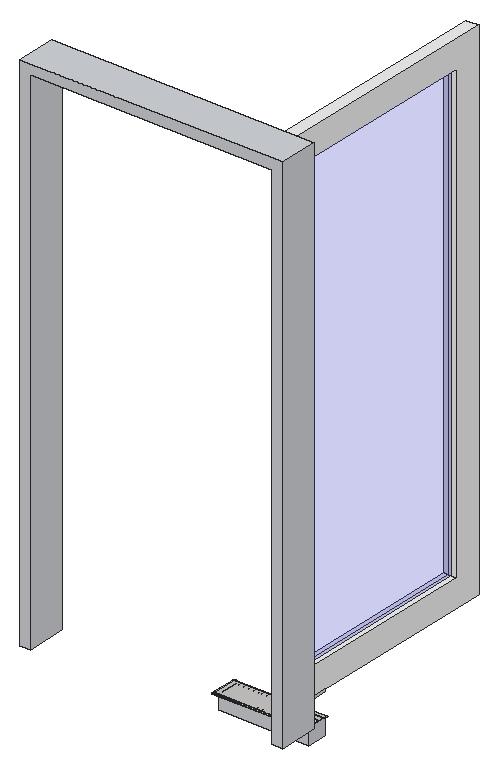
Revit family "Door closer BTS80_ Single Access_Single Door", category Türen, Revit 2016
Family settings
  Basisbauteil = Wand
  OmniClass-Nummer = 23.30.10.00
  OmniClass-Titel = Doors
  Immer vertikal = Ja
  Beim Laden mit Abzugskörper schneiden = Nein
  Gemeinsam genutzt = Nein
  Raumberechnungspunkt = Nein
Parameters
  panel Height [instance] = Height - (Door Frame Width + Floor Space)  # 1945 mm
  Width (mm) = 341
  Width [instance] = 1000 mm
  Weight Net (Kg) = 0
  Wall Closure = (empty or 0)
  URL = ""
  UNSPC code = "26"
  UNSPC category = ""
  UNSPC Name = "Elkraftsutrustning och tillbehör"
  Product group = "Door Hardware"
  Product family = "Door Control"
  Product data url = ""
  Product SKU = ""
  Panel material = Aluminum
  Panel Width [instance] = Width - (2 * Door Frame Width)  # 920 mm
  Panel Thick [instance] = 48.222 mm
  Panel Options [instance] = Panel_SS_Opened : Panel_SS_Opened
  Panel Offset [instance] = 35 mm
  Panel Frame Width [instance] = 103.75 mm
  Material secondary = "Metal"
  Material main = "Stainless steel"
  Manufacturer country = "Germany"
  Hersteller = "DORMA"
  Installation instructions = ""
  IFC Classification = "Door"
  Height (mm) = 60
  Floor Spring Setback [instance] = 35 mm
  Height [instance] = 2000 mm
  HO [instance] = Floor Spring Setback + Door Frame Width  # 75 mm
  Glass material = Glass
  Glass Thick [instance] = 12 mm
  Floor Space [instance] = 15 mm
  Edition number = "1"
  EAN code = ""
  Door Frame Width [instance] = 40 mm
  Design country = "Germany"
  Depth (mm) = 78
  Date of publishing = ""
Reference planes
  plane 1: y = 0
  plane 2 "Center (Left/Right)": x = 0
  plane 3 "Left": x = -500
  plane 4 "Right": x = 500
  plane 5: z = 2000
  plane 6 "Exterior": y = 75
  plane 7 "Interior": y = -75
  plane 8: x = 425
  plane 9: z = 15
  plane 10: y = 109
Forms (mm)
  Sweep 1, solid
    path origin (0, -75, 0) x (1, 0, 0) y (0, 0, 1)
      loop
        line (-500, 0) -> (-500, 2000) -> (500, 2000) -> (500, 0)
    profile origin (-500, -75, 1000) x (-1, 0, 0) y (0, -1, 0)
      loop
        line (0, 0) -> (-40, 0) -> (-40, -150) -> (0, -150) -> (0, 0)
Lines and regions (mm)
  Opening 1
    outline origin (-3050, -75, 0) x (1, 0, 0) y (0, 0, 1)
      loop
        line (2550, 0) -> (3550, 0) -> (3550, 2000) -> (2550, 2000) -> (2550, 0)
  symbolic lines
    curve 1: line (500, -75, 1000) -> (-500, -75, 2000)
    curve 2: line (500, -75, 1000) -> (-500, -75, 0)
Text (mm)
  text "Exterior" at (-2295.016, 1099.543, 0), in view "Ref. Level"
  text "Exterior" at (0, 1615.38, 3698.081), in view "Left"
  text "Exterior" at (0, 1036.032, 3874.932), in view "Right"
Dimensions and locks
  equal spacing: plane 3 "Left", plane 2 "Center (Left/Right)", plane 4 "Right"
  "Width": plane 3 "Left" to plane 4 "Right"
  "Height": plane 5 to host wall
  equal spacing: host wall, curve 2, plane 5
  host wall to plane 5 = 2000 mm
  locked: plane 6 "Exterior" to host wall at 0
  locked: plane 7 "Interior" to host wall
  "Door Frame Width": profile plane to Sweep 1 sketch curve
  "Floor Space": plane 9 to level
  "HO": plane 8 to plane 4 "Right"
  locked: plane 6 "Exterior" to plane 10 at 34
  aligned and locked: plane 3 "Left" to Opening 1 sketch curve
  aligned and locked: plane 5 to Opening 1 sketch curve  (x2)
  aligned and locked: Opening 1 sketch curve to plane 4 "Right"
  aligned and locked: Opening 1 sketch curve to level
  aligned and locked: plane 5 to curve 1
  aligned and locked: plane 3 "Left" to curve 2
  aligned and locked: plane 1 to host wall
  aligned and locked: plane 3 "Left" to curve 1
  aligned and locked: Sweep 1 sketch curve to host wall  (x4)
  aligned and locked: profile plane to Sweep 1 sketch curve
  aligned and locked: host wall to Sweep 1 sketch curve
  aligned and locked: plane 10 to nested 1
  aligned and locked: nested 3 to plane 10
  aligned and locked: nested 3 to plane 9
  aligned and locked: plane 8 to nested 3
  aligned and locked: nested 1 to plane 8
  aligned and locked: plane 10 to nested 2
Automatic sketch dimensions
  plane 4 "Right" to curve 2 = 0 mm
  curve 2 to level = 0 mm
  Sweep 1 sketch curve to level = 0 mm  (x2)
Nested families
  nested 1: "Floor Spring BTS80" at (425, 109, 0) x (-1, 0, 0) z (0, 0, 1), type "Floor Spring BTS80"
    with Width 78 mm
  nested 2: "universal cover plates" at (425, 109, 0) x (-1, 0, 0) z (0, 0, 1), type "Top Plate"
    with L 353 mm
  nested 3: "Panel_SS_Opened" at (425, 109, 15), type <- "Panel Options", type "Panel_SS_Opened"
    with Glass Thick 12 mm
Definition of nested family "Floor Spring BTS80"
  Parameters
    Width [instance] = 78 mm
    Thickness = 5 mm
    Length = 341 mm
    Box material = none
  Reference planes
    plane 1 "Center (Front/Back)": y = 0
    plane 2: z = 0
    plane 3 "Center (Left/Right)": x = 0
  Forms (mm)
    Extrusion 1, solid, material <- "Box material", detail levels fine
      sketch origin (0, 0, 0) x (1, 0, 0) y (0, 1, 0)
        loop
          line (-57, 39) -> (-57, -39) -> (284, -39) -> (284, 39) -> (-57, 39)
      from -60 to 0
    Extrusion 2, void, detail levels medium+fine
      sketch origin (0, 0, 0) x (1, 0, 0) y (0, 1, 0)
        loop
          line (-52, 34) -> (-52, -34) -> (279, -34) -> (279, 34) -> (-52, 34)
      from -55 to 0
  Cuts and joins
    Extrusion 2 cuts Extrusion 1
  Lines and regions (mm)
    model lines, detail levels coarse+medium
      curve 1: line (284, -39, 0) -> (284, 39, 0)
      curve 2: line (-57, -39, 0) -> (284, -39, 0)
      curve 3: line (284, 39, 0) -> (-57, 39, 0)
      curve 4: line (-57, 39, 0) -> (-57, -39, 0)
      curve 5: line (284, -39, -60) -> (284, 39, -60)
      curve 6: line (-57, -39, -60) -> (284, -39, -60)
      curve 7: line (284, -39, 0) -> (284, -39, -60)
      curve 8: line (284, 39, 0) -> (284, 39, -60)
      curve 9: line (-57, -39, -1.115) -> (-57, -39, -60)
      curve 10: line (-57, 39, 0) -> (-57, 39, -60)
      curve 11: line (-57, 39, -60) -> (284, 39, -60)
      curve 12: line (-57, -39, -60) -> (-57, 39, -60)
  Dimensions and locks
    "Length": Extrusion 1 sketch curve to Extrusion 1 sketch curve
    Extrusion 1 sketch curve to Extrusion 1 sketch curve = 78 mm
    "Width": Extrusion 1 sketch curve to Extrusion 1 sketch curve
    "Thickness": Extrusion 1 to Extrusion 2 sketch curve  (x3)
    "Thickness": Extrusion 2 sketch curve to Extrusion 1
    equal spacing: cut or joined group of Extrusion 1, Extrusion 2, plane 1 "Center (Front/Back)", cut or joined group of Extrusion 1, Extrusion 2
    aligned and locked: level to plane 2
    aligned and locked: plane 3 "Center (Left/Right)" to nested 1
    aligned and locked: nested 1 to plane 3 "Center (Left/Right)"
    aligned and locked: nested 2 to plane 1 "Center (Front/Back)"
  Automatic sketch dimensions
    curve 4 to plane 3 "Center (Left/Right)" = 57 mm
    curve 3 to plane 1 "Center (Front/Back)" = 39 mm
    plane 3 "Center (Left/Right)" to curve 3 = 284 mm
    plane 1 "Center (Front/Back)" to curve 1 = 39 mm
    curve 12 to Extrusion 1 = 0 mm  (x2)
    curve 6 to Extrusion 1 = 0 mm
    curve 11 to Extrusion 1 = 0 mm
    Extrusion 1 to curve 8 = 0 mm
    curve 8 to Extrusion 1 = 0 mm  (x2)
    curve 7 to Extrusion 1 = 0 mm  (x3)
    curve 9 to Extrusion 1 = 0 mm  (x2)
    curve 10 to Extrusion 1 = 0 mm  (x3)
    Extrusion 1 to curve 9 = 1.115 mm
    Extrusion 1 sketch curve to plane 3 "Center (Left/Right)" = 57 mm
    plane 1 "Center (Front/Back)" to Extrusion 1 sketch curve = 39 mm
  Nested families
    nested 1: "universal cover plates" at (0, 0, 0), type "Top Plate"
      with L 353 mm
    nested 2: "Spindle" at (0, 0, 1.5) x (0, 1, 0) z (0, 0, 1), type "Spindle"
  Definition of nested family "universal cover plates"
    Parameters
      W = 95 mm
      Top Plate Material = none
      Spoindle offset = 57 mm
      Spindile Radius = 12.5 mm
      Plate Thickness = 1.5 mm
      Material-1 = none
      L [instance] = 353 mm
    Reference planes
      plane 1 "Center (Front/Back)": y = 0
      plane 2: z = 0
      plane 3 "Center (Left/Right)": x = 0
    Forms (mm)
      Extrusion 1, solid, material <- "Top Plate Material", detail levels medium+fine
        sketch origin (0, 0, 0) x (1, 0, 0) y (0, 1, 0)
          loop
            line (22, 47.5) -> (22, 35) -> (-57, 35) -> (-57, 12.5) -> (-11.952, 12.5)
            arc (-11.952, 12.5) -> (19, 0) -> (-11.952, -12.5) r 18
            line (-11.952, -12.5) -> (-57, -12.5) -> (-57, -35) -> (22, -35) -> (22, -47.5) -> (296, -47.5) -> (296, 47.5) -> (22, 47.5)
        from 0 to 1.5
      Extrusion 2, solid, material <- "Top Plate Material", detail levels medium+fine
        sketch origin (0, 0, 1.5) x (1, 0, 0) y (0, 1, 0)
          loop
            line (-57, -35) -> (-57, -47.5) -> (19.5, -47.5) -> (19.5, -35) -> (-57, -35)
          loop
            line (-57, 47.5) -> (-57, 35) -> (19.5, 35) -> (19.5, 47.5) -> (-57, 47.5)
        from -1.5 to 0
      Sweep 3, solid, material <- "Top Plate Material", detail levels medium+fine
        path origin (0, 0, 1.5) x (1, 0, 0) y (0, 1, 0)
          loop
            line (19.5, 47.5) -> (-57, 47.5)
        profile "Plate edge profile : Plate edge profile" origin (-18.75, 47.5, 1.5) x (0, -1, 0) y (0, 0, 1)
          loop
            line (0, 0) -> (-3.918, -2) -> (-4.257, -3.857) -> (0.743, -1.305) -> (0, 0)
      Sweep 4, solid, material <- "Top Plate Material", detail levels medium+fine
        path origin (0, 0, 1.5) x (1, 0, 0) y (0, 1, 0)
          loop
            line (19.5, -47.5) -> (-57, -47.5)
        profile "Plate edge profile : Plate edge profile" origin (-18.75, -47.5, 1.5) x (0, -1, 0) y (0, 0, 1)
          loop
            line (0, 0) -> (-0.743, -1.305) -> (4.257, -3.857) -> (3.918, -2) -> (0, 0)
      Extrusion 5, solid, material <- "Material-1", detail levels medium+fine
        sketch origin (0, 0, 1.5) x (1, 0, 0) y (0, 1, 0)
          loop
            line (-11.952, 12.5) -> (-57, 12.5) -> (-57, -12.5) -> (-11.952, -12.5)
            arc (-11.952, -12.5) -> (-17, 0) -> (-11.952, 12.5) r 18
        from -1.5 to 0
      Sweep 6, solid, detail levels medium+fine
        path origin (0, 0, 1.5) x (1, 0, 0) y (0, 1, 0)
          loop
            line (22, 47.5) -> (296, 47.5) -> (296, -47.5) -> (22, -47.5)
        profile "Plate edge profile : Plate edge profile" origin (159, 47.5, 1.5) x (0, 1, 0) y (0, 0, 1)
          loop
            line (0, 0) -> (-0.743, -1.305) -> (4.257, -3.857) -> (3.918, -2) -> (0, 0)
    Cuts and joins
      joined: Extrusion 2, Sweep 3, Sweep 4
    Lines and regions (mm)
      model lines, detail levels fine
        curve 1: line (-28.28, 0, 1.5) -> (26.72, 0, 1.5)
        curve 2: line (139.402, 19.354, 1.5) -> (125.578, 23.297, 1.5)
        curve 3: arc (125.578, 23.297, 1.5) -> (130.83, 14.665, 1.5) -> (133.541, 4.931, 1.5) r 36.864
        curve 4: line (133.541, 4.931, 1.5) -> (125, 0, 1.5)
        curve 5: line (125, 0, 1.5) -> (133.541, -4.931, 1.5)
        curve 6: arc (133.541, -4.931, 1.5) -> (130.83, -14.665, 1.5) -> (125.578, -23.297, 1.5) r 36.864
        curve 7: line (125.578, -23.297, 1.5) -> (139.402, -19.354, 1.5)
        curve 8: line (139.402, -19.354, 1.5) -> (139.402, -16.456, 1.5)
        curve 9: line (139.402, -16.456, 1.5) -> (132.626, -18.399, 1.5)
        curve 10: arc (132.626, -18.399, 1.5) -> (135.035, -12.694, 1.5) -> (136.537, -6.685, 1.5) r 40.09
        curve 11: arc (136.537, -6.685, 1.5) -> (136.76, -5.193, 1.5) -> (136.927, -3.694, 1.5) r 40.09
        curve 12: line (136.927, -3.694, 1.5) -> (130.53, 0, 1.5)
        curve 13: line (130.53, 0, 1.5) -> (136.927, 3.694, 1.5)
        curve 14: arc (136.927, 3.694, 1.5) -> (135.486, 11.254, 1.5) -> (132.626, 18.399, 1.5) r 40.09
        curve 15: line (132.626, 18.399, 1.5) -> (139.402, 16.456, 1.5)
        curve 16: line (139.402, 16.456, 1.5) -> (139.402, 19.354, 1.5)
        curve 17: line (140.784, 19.61, 1.5) -> (148.461, 21.417, 1.5)
        curve 18: line (148.461, 21.417, 1.5) -> (148.461, 18.707, 1.5)
        curve 19: line (148.461, 18.707, 1.5) -> (147.106, 18.463, 1.5)
        curve 20: line (147.106, 18.463, 1.5) -> (147.106, 16.467, 1.5)
        curve 21: line (147.106, 16.467, 1.5) -> (148.461, 16.224, 1.5)
        curve 22: line (148.461, 16.224, 1.5) -> (148.461, 13.514, 1.5)
        curve 23: line (148.461, 13.514, 1.5) -> (140.784, 15.32, 1.5)
        curve 24: line (140.784, 15.32, 1.5) -> (140.784, 19.61, 1.5)
        curve 25: line (142.816, 17.24, 1.5) -> (145.752, 16.711, 1.5)
        curve 26: line (145.752, 16.711, 1.5) -> (145.752, 18.22, 1.5)
        curve 27: line (145.752, 18.22, 1.5) -> (142.816, 17.691, 1.5)
        curve 28: line (145.3, 8.456, 1.5) -> (140.784, 9.45, 1.5)
        curve 29: line (140.784, 9.45, 1.5) -> (140.784, 13.062, 1.5)
        curve 30: line (140.784, 13.062, 1.5) -> (148.461, 13.062, 1.5)
        curve 31: line (148.461, 13.062, 1.5) -> (148.461, 10.805, 1.5)
        curve 32: line (148.461, 10.805, 1.5) -> (142.816, 10.805, 1.5)
        curve 33: line (142.816, 5.837, 1.5) -> (148.461, 5.837, 1.5)
        curve 34: line (148.461, 5.837, 1.5) -> (148.461, 3.579, 1.5)
        curve 35: line (148.461, 3.579, 1.5) -> (140.784, 3.579, 1.5)
        curve 36: line (140.784, 3.579, 1.5) -> (140.784, 7.192, 1.5)
        curve 37: line (140.784, 7.192, 1.5) -> (145.3, 8.185, 1.5)
        curve 38: arc (148.461, -7.71, 1.5) -> (147.672, -5.799, 1.5) -> (145.765, -5.001, 1.5) r 2.709
        curve 39: line (145.765, -5.001, 1.5) -> (143.507, -5.001, 1.5)
        curve 40: arc (143.507, -5.001, 1.5) -> (141.583, -5.789, 1.5) -> (140.784, -7.708, 1.5) r 2.71
        curve 41: line (140.784, -7.708, 1.5) -> (140.784, -9.062, 1.5)
        curve 42: arc (140.784, -9.062, 1.5) -> (141.577, -10.98, 1.5) -> (143.494, -11.775, 1.5) r 2.71
        curve 43: line (143.494, -11.775, 1.5) -> (145.752, -11.775, 1.5)
        curve 44: arc (145.752, -11.775, 1.5) -> (147.667, -10.981, 1.5) -> (148.461, -9.065, 1.5) r 2.71
        curve 45: line (148.461, -9.065, 1.5) -> (148.461, -7.71, 1.5)
        curve 46: line (143.133, -7.541, 1.5) -> (146.106, -7.541, 1.5)
        curve 47: arc (146.106, -7.541, 1.5) -> (146.681, -7.792, 1.5) -> (146.876, -8.388, 1.5) r 0.768
        curve 48: arc (146.876, -8.388, 1.5) -> (146.683, -8.981, 1.5) -> (146.112, -9.234, 1.5) r 0.768
        curve 49: line (146.112, -9.234, 1.5) -> (143.133, -9.234, 1.5)
        curve 50: arc (143.133, -9.234, 1.5) -> (142.563, -8.981, 1.5) -> (142.369, -8.388, 1.5) r 0.768
        curve 51: arc (142.369, -8.388, 1.5) -> (142.563, -7.794, 1.5) -> (143.133, -7.541, 1.5) r 0.768
        curve 52: line (143.266, -12.678, 1.5) -> (145.977, -12.678, 1.5)
        curve 53: arc (145.977, -12.678, 1.5) -> (147.734, -13.405, 1.5) -> (148.461, -15.162, 1.5) r 2.484
        curve 54: line (148.461, -15.162, 1.5) -> (148.461, -19.226, 1.5)
        curve 55: line (148.461, -19.226, 1.5) -> (140.784, -19.226, 1.5)
        curve 56: line (140.784, -19.226, 1.5) -> (140.784, -15.166, 1.5)
        curve 57: arc (140.784, -15.166, 1.5) -> (141.509, -13.408, 1.5) -> (143.266, -12.678, 1.5) r 2.484
        curve 58: circle (41, -27, 1.5) r 4.75 normal (0, 0, 1)
        curve 59: circle (41, -27, 1.5) r 2.5 normal (0, 0, 1)
        curve 60: line (33.441, -27, 1.5) -> (51.23, -27, 1.5)
        curve 61: line (41, -18.082, 1.5) -> (41, -35.484, 1.5)
        curve 62: line (41, 35.285, 1.5) -> (41, 17.496, 1.5)
        curve 63: line (51.617, 27, 1.5) -> (31.508, 27, 1.5)
        curve 64: circle (41, 27, 1.5) r 4.75 normal (0, 0, 1)
        curve 65: circle (41, 27, 1.5) r 2.5 normal (0, 0, 1)
        curve 66: circle (251, 27, 1.5) r 4.75 normal (0, 0, 1)
        curve 67: circle (251, 27, 1.5) r 2.5 normal (0, 0, 1)
        curve 68: line (251, 17.496, 1.5) -> (251, 35.285, 1.5)
        curve 69: line (259.672, 27, 1.5) -> (241.109, 27, 1.5)
        curve 70: line (251, -34.711, 1.5) -> (251, -18.469, 1.5)
        curve 71: line (242.27, -27, 1.5) -> (260.832, -27, 1.5)
        curve 72: circle (251, -27, 1.5) r 2.5 normal (0, 0, 1)
        curve 73: circle (251, -27, 1.5) r 4.75 normal (0, 0, 1)
        curve 74: arc (145.3, 1.025, 1.5) -> (142.781, 2.666, 1.5) -> (140.784, 0.418, 1.5) r 2.304
        curve 75: line (140.784, 0.418, 1.5) -> (140.784, -4.098, 1.5)
        curve 76: line (140.784, -4.098, 1.5) -> (148.461, -4.098, 1.5)
        curve 77: line (148.461, -4.098, 1.5) -> (148.461, -1.84, 1.5)
        curve 78: line (148.461, -1.84, 1.5) -> (145.3, -1.84, 1.5)
        curve 79: line (145.3, -1.072, 1.5) -> (148.461, 0.192, 1.5)
        curve 80: line (148.461, 0.192, 1.5) -> (148.461, 2.676, 1.5)
        curve 81: line (148.461, 2.676, 1.5) -> (145.3, 1.025, 1.5)
        curve 82: line (143.889, -0.799, 1.5) -> (143.889, -1.84, 1.5)
        curve 83: line (143.889, -1.84, 1.5) -> (142.195, -1.84, 1.5)
        curve 84: line (142.195, -1.84, 1.5) -> (142.195, -0.802, 1.5)
        curve 85: arc (142.195, -0.802, 1.5) -> (142.449, -0.231, 1.5) -> (143.042, -0.038, 1.5) r 0.768
        curve 86: arc (143.042, -0.038, 1.5) -> (143.634, -0.23, 1.5) -> (143.889, -0.799, 1.5) r 0.768
        curve 87: line (142.816, 10.579, 1.5) -> (148.461, 9.337, 1.5)
        curve 88: line (148.461, 7.305, 1.5) -> (142.816, 6.063, 1.5)
        curve 89: line (148.461, 9.337, 1.5) -> (148.461, 7.305, 1.5)
        curve 90: line (0, 30, 1.5) -> (0, -30, 1.5)
        curve 96: line (146.881, -15.667, 1.5) -> (146.881, -16.742, 1.5)
        curve 97: line (146.881, -16.742, 1.5) -> (142.365, -16.742, 1.5)
        curve 98: line (142.365, -16.742, 1.5) -> (142.365, -15.653, 1.5)
        curve 99: line (142.856, -15.162, 1.5) -> (146.375, -15.162, 1.5)
        curve 100: arc (146.375, -15.162, 1.5) -> (146.732, -15.31, 1.5) -> (146.881, -15.667, 1.5) r 0.506
        curve 101: arc (142.365, -15.653, 1.5) -> (142.509, -15.305, 1.5) -> (142.856, -15.162, 1.5) r 0.491
        curve 102: line (142.816, 6.063, 1.5) -> (142.816, 5.837, 1.5)
        curve 103: line (142.816, 10.805, 1.5) -> (142.816, 10.579, 1.5)
        curve 104: line (145.3, 8.456, 1.5) -> (145.3, 8.185, 1.5)
        curve 105: line (142.816, 17.691, 1.5) -> (142.816, 17.24, 1.5)
        curve 106: line (145.3, -1.072, 1.5) -> (145.3, -1.84, 1.5)
      model lines, detail levels coarse
        curve 91: line (-57, 51.757, 0) -> (300.257, 51.757, 0)
        curve 92: line (-57, -51.757, 0) -> (-57, 51.757, 0)
        curve 93: line (300.257, -51.757, 0) -> (-57, -51.757, 0)
        curve 94: line (300.257, 51.757, 0) -> (300.257, -51.757, 0)
        curve 95: circle (1, 0, 0) r 18 normal (0, 0, 1)
    Dimensions and locks
      "Plate Thickness": Extrusion 1 to level
      equal spacing: Extrusion 1, plane 1 "Center (Front/Back)", Extrusion 1
      "W": Extrusion 1 sketch curve to Extrusion 1 sketch curve
      "L": Extrusion 1 sketch curve to Extrusion 1 sketch curve
      "Spoindle offset": Extrusion 1 sketch curve to plane 3 "Center (Left/Right)"  (x2)
      aligned and locked: level to plane 2
      aligned and locked: cut or joined group of Extrusion 2, Sweep 3, Sweep 4 to Sweep 4 sketch curve
      aligned and locked: curve 91 to cut or joined group of Extrusion 2, Sweep 3, Sweep 4
      aligned and locked: curve 92 to cut or joined group of Extrusion 2, Sweep 3, Sweep 4
      aligned and locked: curve 93 to Sweep 6
      aligned and locked: curve 94 to Sweep 6
      aligned and locked: Extrusion 5 sketch curve to curve 95
    Automatic sketch dimensions
      Extrusion 2 sketch curve to Extrusion 1 = 0 mm  (x4)
      Extrusion 1 to Extrusion 2 sketch curve = 0 mm  (x2)
      Extrusion 1 to Extrusion 2 sketch curve = 2.5 mm  (x2)
      Sweep 3 sketch curve to Extrusion 1 = 0 mm
      Extrusion 1 to Sweep 3 sketch curve = 0 mm
      Extrusion 1 to Sweep 3 sketch curve = 2.5 mm
      Sweep 4 sketch curve to Extrusion 1 = 0 mm
      Extrusion 1 to Sweep 4 sketch curve = 0 mm
      Extrusion 5 sketch curve to Extrusion 1 = 0 mm  (x2)
      Extrusion 1 to Extrusion 5 sketch curve = 0 mm
      Sweep 6 sketch curve to Extrusion 1 = 0 mm  (x4)
      Extrusion 1 to Sweep 6 sketch curve = 0 mm
      curve 58 to curve 59 = 0 mm  (x2)
      curve 64 to curve 65 = 0 mm  (x2)
      curve 66 to curve 67 = 0 mm  (x2)
      curve 72 to curve 73 = 0 mm  (x2)
      Extrusion 1 to curve 4 = 12.5 mm
      curve 4 to Extrusion 1 = 103 mm
      curve 7 to Extrusion 1 = 10.797 mm
      curve 2 to Extrusion 1 = 10.797 mm
      curve 4 to curve 2 = 0.578 mm
      curve 4 to curve 7 = 0.578 mm
      Extrusion 1 to curve 13 = 12.5 mm
      curve 4 to curve 13 = 5.53 mm
      curve 9 to Extrusion 1 = 5.899 mm
      curve 15 to Extrusion 1 = 5.899 mm
      curve 2 to curve 15 = 7.048 mm
      Extrusion 1 to curve 5 = 7.569 mm
      curve 12 to curve 5 = 3.011 mm
      Extrusion 1 to curve 4 = 7.569 mm
      curve 12 to curve 4 = 3.011 mm
      Extrusion 1 to curve 12 = 8.806 mm
      curve 5 to curve 12 = 3.386 mm
      Extrusion 1 to curve 13 = 8.806 mm
      curve 4 to curve 13 = 3.386 mm
      curve 2 to Extrusion 1 = 6.854 mm
      curve 14 to curve 2 = 6.776 mm
      curve 7 to Extrusion 1 = 6.854 mm
      curve 9 to curve 7 = 6.776 mm
      curve 13 to curve 36 = 3.857 mm
      curve 11 to curve 75 = 3.857 mm
      curve 8 to curve 56 = 1.382 mm
      curve 30 to Extrusion 1 = 0.562 mm
      curve 15 to curve 30 = 1.382 mm
      curve 15 to curve 24 = 1.382 mm
      curve 75 to curve 41 = 0 mm
      curve 75 to curve 84 = 1.411 mm
      curve 40 to curve 46 = 2.349 mm
      curve 46 to curve 49 = 0 mm
      curve 52 to Extrusion 1 = 0.178 mm
      curve 50 to curve 52 = 0.132 mm
      curve 57 to curve 43 = 0.228 mm
      curve 46 to curve 39 = 0.373 mm
      curve 83 to curve 83 = 1.693 mm
      Extrusion 1 to curve 81 = 11.475 mm
      curve 82 to curve 81 = 1.411 mm
      Extrusion 1 to curve 43 = 0.725 mm
      curve 42 to curve 43 = 2.258 mm
      curve 25 to Extrusion 1 = 4.211 mm
      curve 23 to curve 25 = 4.967 mm
      curve 39 to curve 39 = 2.258 mm
      curve 44 to curve 52 = 0.226 mm
      curve 44 to curve 46 = 0.354 mm
      curve 44 to curve 49 = 0.36 mm
      curve 19 to Extrusion 1 = 5.963 mm
      curve 26 to curve 19 = 1.355 mm
      curve 46 to curve 45 = 2.355 mm
      Extrusion 1 to curve 32 = 1.695 mm
      curve 20 to curve 32 = 1.355 mm
      curve 39 to curve 76 = 2.697 mm
      curve 22 to curve 30 = 0 mm
      curve 33 to curve 31 = 0 mm
      curve 19 to Extrusion 1 = 6.207 mm
      curve 19 to curve 19 = 1.355 mm
      Extrusion 1 to curve 79 = 12.308 mm
      curve 79 to curve 77 = 0 mm
      Extrusion 1 to curve 87 = 3.163 mm
      curve 87 to curve 31 = 0 mm
      curve 53 to curve 55 = 2.484 mm
      Extrusion 1 to curve 1 = 12.5 mm
      curve 1 to Extrusion 1 = 28.72 mm
      curve 90 to Extrusion 1 = 5 mm  (x2)
      Extrusion 1 to curve 90 = 22 mm
      curve 1 to Extrusion 1 = 4.72 mm
      curve 63 to Extrusion 1 = 9.508 mm
      curve 60 to Extrusion 1 = 11.441 mm
      curve 60 to curve 58 = 7.559 mm
      curve 62 to Extrusion 1 = 4.996 mm
      curve 63 to curve 62 = 9.492 mm
      Extrusion 1 to curve 61 = 0.484 mm
      curve 61 to curve 58 = 0 mm
      curve 65 to curve 62 = 0 mm
      curve 58 to curve 60 = 10.23 mm
      curve 64 to curve 63 = 10.617 mm
      Extrusion 1 to curve 10 = 12.5 mm
      curve 10 to curve 4 = 27.992 mm
      curve 10 to curve 3 = 0 mm
      curve 10 to curve 6 = 0 mm
      curve 6 to curve 14 = 0 mm
      curve 3 to curve 11 = 0 mm
      curve 11 to curve 12 = 0.391 mm
      curve 50 to curve 51 = 0.764 mm
      curve 25 to Extrusion 1 = 4.74 mm
      curve 23 to curve 25 = 2.032 mm
      curve 36 to curve 33 = 2.032 mm
      curve 28 to curve 32 = 2.032 mm
      Extrusion 1 to curve 87 = 1.921 mm
      Extrusion 1 to curve 88 = 6.437 mm
      curve 27 to Extrusion 1 = 5.191 mm
      curve 84 to curve 85 = 0.768 mm
      curve 85 to curve 86 = 0.079 mm
      curve 86 to curve 74 = 0.045 mm
      curve 85 to curve 86 = 0.158 mm
      curve 51 to curve 46 = 0.001 mm
      curve 51 to curve 50 = 0 mm
      curve 46 to curve 40 = 0.361 mm
      curve 82 to curve 78 = 1.411 mm
      Extrusion 1 to curve 37 = 4.315 mm
      curve 88 to curve 37 = 2.484 mm
      Extrusion 1 to curve 28 = 4.044 mm
      Extrusion 1 to curve 79 = 11.428 mm
      curve 38 to curve 46 = 0.354 mm
      curve 44 to curve 48 = 0.361 mm
      curve 48 to curve 47 = 0 mm
      curve 47 to curve 47 = 0.764 mm
      curve 69 to Extrusion 1 = 8 mm
      curve 69 to Extrusion 1 = 54.891 mm
      curve 71 to Extrusion 1 = 8 mm
      curve 71 to Extrusion 1 = 53.73 mm
      curve 71 to curve 72 = 8.73 mm
      curve 70 to curve 72 = 0 mm
      curve 69 to curve 66 = 9.891 mm
      curve 68 to curve 66 = 0 mm
      curve 66 to curve 69 = 8.672 mm
      curve 72 to curve 71 = 9.832 mm
      curve 55 to curve 53 = 4.064 mm
      curve 7 to curve 9 = 2.897 mm
      curve 8 to curve 56 = 1.291 mm
      curve 49 to curve 44 = 0.169 mm
      curve 49 to curve 41 = 0.173 mm
      curve 44 to curve 45 = 1.355 mm
      curve 42 to curve 41 = 1.353 mm
      curve 38 to curve 46 = 0.169 mm
      curve 38 to curve 39 = 0 mm
      curve 40 to curve 75 = 0.903 mm
      curve 82 to curve 79 = 0.768 mm
      curve 78 to curve 79 = 2.032 mm
      curve 83 to curve 84 = 1.037 mm
      curve 82 to curve 82 = 1.041 mm
      curve 84 to curve 75 = 1.221 mm
      curve 79 to curve 80 = 2.484 mm
      curve 80 to curve 34 = 0.903 mm
      curve 34 to curve 34 = 2.258 mm
      curve 88 to curve 37 = 1.129 mm
      curve 33 to curve 88 = 1.468 mm
      curve 36 to curve 29 = 2.258 mm
      curve 30 to curve 23 = 0.452 mm
      curve 29 to curve 23 = 2.258 mm
      curve 22 to curve 18 = 2.484 mm
      curve 23 to curve 16 = 1.136 mm
      curve 21 to curve 21 = 0.244 mm
      curve 27 to curve 19 = 0.244 mm
      curve 2 to curve 17 = 0.257 mm
      curve 18 to curve 18 = 2.709 mm
      curve 70 to Extrusion 1 = 0.289 mm
      curve 70 to curve 72 = 7.711 mm
      curve 60 to Extrusion 1 = 8 mm
      curve 60 to curve 59 = 0 mm
      curve 70 to Extrusion 1 = 5.969 mm
      curve 61 to Extrusion 1 = 5.582 mm
      curve 42 to curve 50 = 0.598 mm
      curve 44 to curve 48 = 0.598 mm
      curve 86 to curve 82 = 0.002 mm
      curve 68 to Extrusion 1 = 4.996 mm
      curve 67 to Extrusion 1 = 8 mm
      curve 65 to Extrusion 1 = 8 mm
      curve 63 to Extrusion 1 = 8 mm
      Extrusion 1 to curve 62 = 0.285 mm
      Extrusion 1 to curve 68 = 0.285 mm
      curve 57 to curve 57 = 0.002 mm
      plane 1 "Center (Front/Back)" to curve 95 = 0 mm
      plane 3 "Center (Left/Right)" to curve 95 = 1 mm
      curve 98 to curve 57 = 0.903 mm
      curve 98 to curve 101 = 0.491 mm
      curve 53 to curve 99 = 0.397 mm
      curve 100 to curve 96 = 0.506 mm
      curve 98 to curve 57 = 1.581 mm
      curve 96 to curve 53 = 0.506 mm
      curve 101 to curve 57 = 0.491 mm
      Extrusion 1 sketch curve to plane 3 "Center (Left/Right)" = 11.952 mm  (x2)
      plane 3 "Center (Left/Right)" to Extrusion 1 sketch curve = 22 mm  (x2)
      plane 1 "Center (Front/Back)" to Extrusion 1 sketch curve = 47.5 mm
      plane 1 "Center (Front/Back)" to Extrusion 1 sketch curve = 0 mm
      plane 3 "Center (Left/Right)" to Extrusion 1 sketch curve = 1 mm
      plane 1 "Center (Front/Back)" to Extrusion 1 sketch curve = 35 mm
      plane 1 "Center (Front/Back)" to Extrusion 1 sketch curve = 12.5 mm
      Extrusion 1 sketch curve to Extrusion 1 sketch curve = 22.5 mm
      radius of curve 58 = 4.75 mm
      radius of curve 59 = 2.5 mm
      radius of curve 64 = 4.75 mm
      radius of curve 65 = 2.5 mm
      radius of curve 66 = 4.75 mm
      radius of curve 67 = 2.5 mm
      radius of curve 72 = 2.5 mm
      radius of curve 73 = 4.75 mm
      radius of curve 95 = 18 mm
  Definition of nested family "Spindle"
    Parameters
      Spindle material = none
      Spindle Height = 29.8 mm
    Reference planes
      plane 1 "Center (Front/Back)": y = 0
      plane 2: z = 0
      plane 3 "Center (Left/Right)": x = 0
    Forms (mm)
      Revolve 1, solid, material <- "Spindle material", detail levels medium+fine
        sketch origin (0, 0, 0) x (1, 0, 0) y (0, 0, 1)
          loop
            arc (-18.5, 3) -> (-19.914, 2.414) -> (-20.5, 1) r 2
            line (-20.5, 1) -> (-20.5, 0) -> (-6.129, 0) -> (-5.605, -10) -> (0, -10) -> (0, 19.8) -> (-6.609, 19.8) -> (-7.343, 5.8) -> (-12.35, 5.8) -> (-12.35, 3) -> (-18.5, 3)
          axis (0, 19.8) -> (0, -10)
        angle from 0 to 360
      Extrusion 2, void
        sketch origin (0, 0, 0) x (1, 0, 0) y (0, 1, 0)
          loop
            line (-7.794, 7.095) -> (-7.794, -7.905) -> (-3.538, -7.905) -> (-3.538, 7.095) -> (-7.794, 7.095)
          loop
            line (7.794, 7.095) -> (3.538, 7.095) -> (3.538, -7.905) -> (7.794, -7.905) -> (7.794, 7.095)
        from 5.8 to 19.8
    Cuts and joins
      Extrusion 2 cuts Revolve 1
    Text (mm)
      text "BTS80" at (570.925, 0, 11.425), in view "Front"
      text "M 1:1" at (20.899, 0, 406.943), in view "Front"
    Dimensions and locks
      "Spindle Height": Revolve 1 sketch curve to Revolve 1 sketch curve
      aligned and locked: level to plane 2
      aligned and locked: Revolve 1 sketch curve to plane 3 "Center (Left/Right)"  (x2)
      aligned and locked: Revolve 1 sketch curve to level
      aligned and locked: Revolve 1 to Extrusion 2
      aligned and locked: Extrusion 2 to Revolve 1
    Automatic sketch dimensions
      Extrusion 2 sketch curve to plane 3 "Center (Left/Right)" = 7.794 mm
      plane 3 "Center (Left/Right)" to Extrusion 2 sketch curve = 3.538 mm
      plane 1 "Center (Front/Back)" to Extrusion 2 sketch curve = 7.905 mm  (x2)
      Extrusion 2 sketch curve to plane 3 "Center (Left/Right)" = 3.538 mm
      Extrusion 2 sketch curve to Extrusion 2 sketch curve = 4.256 mm
      Extrusion 2 sketch curve to plane 1 "Center (Front/Back)" = 7.095 mm  (x2)
      Revolve 1 sketch curve to plane 3 "Center (Left/Right)" = 20.5 mm
      Revolve 1 sketch curve to level = 10 mm
      level to Revolve 1 sketch curve = 3 mm
      Revolve 1 sketch curve to Revolve 1 sketch curve = 8.15 mm
      Revolve 1 sketch curve to Revolve 1 sketch curve = 5.007 mm
      Revolve 1 sketch curve to plane 3 "Center (Left/Right)" = 6.609 mm
      Revolve 1 sketch curve to Revolve 1 sketch curve = 1.214 mm
      Revolve 1 sketch curve to plane 3 "Center (Left/Right)" = 5.605 mm
      Revolve 1 sketch curve to Revolve 1 sketch curve = 0 mm  (x4)
      level to Revolve 1 sketch curve = 1 mm  (x2)
      Revolve 1 sketch curve to Revolve 1 sketch curve = 2 mm
      Revolve 1 sketch curve to Revolve 1 sketch curve = 2.8 mm
      Revolve 1 sketch curve to Revolve 1 sketch curve = 200 mm
      Revolve 1 sketch curve to Revolve 1 sketch curve = 190.2 mm
Definition of nested family "universal cover plates"
  Parameters
    W = 95 mm
    Top Plate Material = none
    Spoindle offset = 57 mm
    Spindile Radius = 12.5 mm
    Plate Thickness = 1.5 mm
    Material-1 = none
    L [instance] = 353 mm
  Reference planes
    plane 1 "Center (Front/Back)": y = 0
    plane 2: z = 0
    plane 3 "Center (Left/Right)": x = 0
  Forms (mm)
    Extrusion 1, solid, material <- "Top Plate Material", detail levels medium+fine
      sketch origin (0, 0, 0) x (1, 0, 0) y (0, 1, 0)
        loop
          line (22, 47.5) -> (22, 35) -> (-57, 35) -> (-57, 12.5) -> (-11.952, 12.5)
          arc (-11.952, 12.5) -> (19, 0) -> (-11.952, -12.5) r 18
          line (-11.952, -12.5) -> (-57, -12.5) -> (-57, -35) -> (22, -35) -> (22, -47.5) -> (296, -47.5) -> (296, 47.5) -> (22, 47.5)
      from 0 to 1.5
    Extrusion 2, solid, material <- "Top Plate Material", detail levels medium+fine
      sketch origin (0, 0, 1.5) x (1, 0, 0) y (0, 1, 0)
        loop
          line (-57, -35) -> (-57, -47.5) -> (19.5, -47.5) -> (19.5, -35) -> (-57, -35)
        loop
          line (-57, 47.5) -> (-57, 35) -> (19.5, 35) -> (19.5, 47.5) -> (-57, 47.5)
      from -1.5 to 0
    Sweep 3, solid, material <- "Top Plate Material", detail levels medium+fine
      path origin (0, 0, 1.5) x (1, 0, 0) y (0, 1, 0)
        loop
          line (19.5, 47.5) -> (-57, 47.5)
      profile "Plate edge profile : Plate edge profile" origin (-18.75, 47.5, 1.5) x (0, -1, 0) y (0, 0, 1)
        loop
          line (0, 0) -> (-3.918, -2) -> (-4.257, -3.857) -> (0.743, -1.305) -> (0, 0)
    Sweep 4, solid, material <- "Top Plate Material", detail levels medium+fine
      path origin (0, 0, 1.5) x (1, 0, 0) y (0, 1, 0)
        loop
          line (19.5, -47.5) -> (-57, -47.5)
      profile "Plate edge profile : Plate edge profile" origin (-18.75, -47.5, 1.5) x (0, -1, 0) y (0, 0, 1)
        loop
          line (0, 0) -> (-0.743, -1.305) -> (4.257, -3.857) -> (3.918, -2) -> (0, 0)
    Extrusion 5, solid, material <- "Material-1", detail levels medium+fine
      sketch origin (0, 0, 1.5) x (1, 0, 0) y (0, 1, 0)
        loop
          line (-11.952, 12.5) -> (-57, 12.5) -> (-57, -12.5) -> (-11.952, -12.5)
          arc (-11.952, -12.5) -> (-17, 0) -> (-11.952, 12.5) r 18
      from -1.5 to 0
    Sweep 6, solid, detail levels medium+fine
      path origin (0, 0, 1.5) x (1, 0, 0) y (0, 1, 0)
        loop
          line (22, 47.5) -> (296, 47.5) -> (296, -47.5) -> (22, -47.5)
      profile "Plate edge profile : Plate edge profile" origin (159, 47.5, 1.5) x (0, 1, 0) y (0, 0, 1)
        loop
          line (0, 0) -> (-0.743, -1.305) -> (4.257, -3.857) -> (3.918, -2) -> (0, 0)
  Cuts and joins
    joined: Extrusion 2, Sweep 3, Sweep 4
  Lines and regions (mm)
    model lines, detail levels fine
      curve 1: line (-28.28, 0, 1.5) -> (26.72, 0, 1.5)
      curve 2: line (139.402, 19.354, 1.5) -> (125.578, 23.297, 1.5)
      curve 3: arc (125.578, 23.297, 1.5) -> (130.83, 14.665, 1.5) -> (133.541, 4.931, 1.5) r 36.864
      curve 4: line (133.541, 4.931, 1.5) -> (125, 0, 1.5)
      curve 5: line (125, 0, 1.5) -> (133.541, -4.931, 1.5)
      curve 6: arc (133.541, -4.931, 1.5) -> (130.83, -14.665, 1.5) -> (125.578, -23.297, 1.5) r 36.864
      curve 7: line (125.578, -23.297, 1.5) -> (139.402, -19.354, 1.5)
      curve 8: line (139.402, -19.354, 1.5) -> (139.402, -16.456, 1.5)
      curve 9: line (139.402, -16.456, 1.5) -> (132.626, -18.399, 1.5)
      curve 10: arc (132.626, -18.399, 1.5) -> (135.035, -12.694, 1.5) -> (136.537, -6.685, 1.5) r 40.09
      curve 11: arc (136.537, -6.685, 1.5) -> (136.76, -5.193, 1.5) -> (136.927, -3.694, 1.5) r 40.09
      curve 12: line (136.927, -3.694, 1.5) -> (130.53, 0, 1.5)
      curve 13: line (130.53, 0, 1.5) -> (136.927, 3.694, 1.5)
      curve 14: arc (136.927, 3.694, 1.5) -> (135.486, 11.254, 1.5) -> (132.626, 18.399, 1.5) r 40.09
      curve 15: line (132.626, 18.399, 1.5) -> (139.402, 16.456, 1.5)
      curve 16: line (139.402, 16.456, 1.5) -> (139.402, 19.354, 1.5)
      curve 17: line (140.784, 19.61, 1.5) -> (148.461, 21.417, 1.5)
      curve 18: line (148.461, 21.417, 1.5) -> (148.461, 18.707, 1.5)
      curve 19: line (148.461, 18.707, 1.5) -> (147.106, 18.463, 1.5)
      curve 20: line (147.106, 18.463, 1.5) -> (147.106, 16.467, 1.5)
      curve 21: line (147.106, 16.467, 1.5) -> (148.461, 16.224, 1.5)
      curve 22: line (148.461, 16.224, 1.5) -> (148.461, 13.514, 1.5)
      curve 23: line (148.461, 13.514, 1.5) -> (140.784, 15.32, 1.5)
      curve 24: line (140.784, 15.32, 1.5) -> (140.784, 19.61, 1.5)
      curve 25: line (142.816, 17.24, 1.5) -> (145.752, 16.711, 1.5)
      curve 26: line (145.752, 16.711, 1.5) -> (145.752, 18.22, 1.5)
      curve 27: line (145.752, 18.22, 1.5) -> (142.816, 17.691, 1.5)
      curve 28: line (145.3, 8.456, 1.5) -> (140.784, 9.45, 1.5)
      curve 29: line (140.784, 9.45, 1.5) -> (140.784, 13.062, 1.5)
      curve 30: line (140.784, 13.062, 1.5) -> (148.461, 13.062, 1.5)
      curve 31: line (148.461, 13.062, 1.5) -> (148.461, 10.805, 1.5)
      curve 32: line (148.461, 10.805, 1.5) -> (142.816, 10.805, 1.5)
      curve 33: line (142.816, 5.837, 1.5) -> (148.461, 5.837, 1.5)
      curve 34: line (148.461, 5.837, 1.5) -> (148.461, 3.579, 1.5)
      curve 35: line (148.461, 3.579, 1.5) -> (140.784, 3.579, 1.5)
      curve 36: line (140.784, 3.579, 1.5) -> (140.784, 7.192, 1.5)
      curve 37: line (140.784, 7.192, 1.5) -> (145.3, 8.185, 1.5)
      curve 38: arc (148.461, -7.71, 1.5) -> (147.672, -5.799, 1.5) -> (145.765, -5.001, 1.5) r 2.709
      curve 39: line (145.765, -5.001, 1.5) -> (143.507, -5.001, 1.5)
      curve 40: arc (143.507, -5.001, 1.5) -> (141.583, -5.789, 1.5) -> (140.784, -7.708, 1.5) r 2.71
      curve 41: line (140.784, -7.708, 1.5) -> (140.784, -9.062, 1.5)
      curve 42: arc (140.784, -9.062, 1.5) -> (141.577, -10.98, 1.5) -> (143.494, -11.775, 1.5) r 2.71
      curve 43: line (143.494, -11.775, 1.5) -> (145.752, -11.775, 1.5)
      curve 44: arc (145.752, -11.775, 1.5) -> (147.667, -10.981, 1.5) -> (148.461, -9.065, 1.5) r 2.71
      curve 45: line (148.461, -9.065, 1.5) -> (148.461, -7.71, 1.5)
      curve 46: line (143.133, -7.541, 1.5) -> (146.106, -7.541, 1.5)
      curve 47: arc (146.106, -7.541, 1.5) -> (146.681, -7.792, 1.5) -> (146.876, -8.388, 1.5) r 0.768
      curve 48: arc (146.876, -8.388, 1.5) -> (146.683, -8.981, 1.5) -> (146.112, -9.234, 1.5) r 0.768
      curve 49: line (146.112, -9.234, 1.5) -> (143.133, -9.234, 1.5)
      curve 50: arc (143.133, -9.234, 1.5) -> (142.563, -8.981, 1.5) -> (142.369, -8.388, 1.5) r 0.768
      curve 51: arc (142.369, -8.388, 1.5) -> (142.563, -7.794, 1.5) -> (143.133, -7.541, 1.5) r 0.768
      curve 52: line (143.266, -12.678, 1.5) -> (145.977, -12.678, 1.5)
      curve 53: arc (145.977, -12.678, 1.5) -> (147.734, -13.405, 1.5) -> (148.461, -15.162, 1.5) r 2.484
      curve 54: line (148.461, -15.162, 1.5) -> (148.461, -19.226, 1.5)
      curve 55: line (148.461, -19.226, 1.5) -> (140.784, -19.226, 1.5)
      curve 56: line (140.784, -19.226, 1.5) -> (140.784, -15.166, 1.5)
      curve 57: arc (140.784, -15.166, 1.5) -> (141.509, -13.408, 1.5) -> (143.266, -12.678, 1.5) r 2.484
      curve 58: circle (41, -27, 1.5) r 4.75 normal (0, 0, 1)
      curve 59: circle (41, -27, 1.5) r 2.5 normal (0, 0, 1)
      curve 60: line (33.441, -27, 1.5) -> (51.23, -27, 1.5)
      curve 61: line (41, -18.082, 1.5) -> (41, -35.484, 1.5)
      curve 62: line (41, 35.285, 1.5) -> (41, 17.496, 1.5)
      curve 63: line (51.617, 27, 1.5) -> (31.508, 27, 1.5)
      curve 64: circle (41, 27, 1.5) r 4.75 normal (0, 0, 1)
      curve 65: circle (41, 27, 1.5) r 2.5 normal (0, 0, 1)
      curve 66: circle (251, 27, 1.5) r 4.75 normal (0, 0, 1)
      curve 67: circle (251, 27, 1.5) r 2.5 normal (0, 0, 1)
      curve 68: line (251, 17.496, 1.5) -> (251, 35.285, 1.5)
      curve 69: line (259.672, 27, 1.5) -> (241.109, 27, 1.5)
      curve 70: line (251, -34.711, 1.5) -> (251, -18.469, 1.5)
      curve 71: line (242.27, -27, 1.5) -> (260.832, -27, 1.5)
      curve 72: circle (251, -27, 1.5) r 2.5 normal (0, 0, 1)
      curve 73: circle (251, -27, 1.5) r 4.75 normal (0, 0, 1)
      curve 74: arc (145.3, 1.025, 1.5) -> (142.781, 2.666, 1.5) -> (140.784, 0.418, 1.5) r 2.304
      curve 75: line (140.784, 0.418, 1.5) -> (140.784, -4.098, 1.5)
      curve 76: line (140.784, -4.098, 1.5) -> (148.461, -4.098, 1.5)
      curve 77: line (148.461, -4.098, 1.5) -> (148.461, -1.84, 1.5)
      curve 78: line (148.461, -1.84, 1.5) -> (145.3, -1.84, 1.5)
      curve 79: line (145.3, -1.072, 1.5) -> (148.461, 0.192, 1.5)
      curve 80: line (148.461, 0.192, 1.5) -> (148.461, 2.676, 1.5)
      curve 81: line (148.461, 2.676, 1.5) -> (145.3, 1.025, 1.5)
      curve 82: line (143.889, -0.799, 1.5) -> (143.889, -1.84, 1.5)
      curve 83: line (143.889, -1.84, 1.5) -> (142.195, -1.84, 1.5)
      curve 84: line (142.195, -1.84, 1.5) -> (142.195, -0.802, 1.5)
      curve 85: arc (142.195, -0.802, 1.5) -> (142.449, -0.231, 1.5) -> (143.042, -0.038, 1.5) r 0.768
      curve 86: arc (143.042, -0.038, 1.5) -> (143.634, -0.23, 1.5) -> (143.889, -0.799, 1.5) r 0.768
      curve 87: line (142.816, 10.579, 1.5) -> (148.461, 9.337, 1.5)
      curve 88: line (148.461, 7.305, 1.5) -> (142.816, 6.063, 1.5)
      curve 89: line (148.461, 9.337, 1.5) -> (148.461, 7.305, 1.5)
      curve 90: line (0, 30, 1.5) -> (0, -30, 1.5)
      curve 96: line (146.881, -15.667, 1.5) -> (146.881, -16.742, 1.5)
      curve 97: line (146.881, -16.742, 1.5) -> (142.365, -16.742, 1.5)
      curve 98: line (142.365, -16.742, 1.5) -> (142.365, -15.653, 1.5)
      curve 99: line (142.856, -15.162, 1.5) -> (146.375, -15.162, 1.5)
      curve 100: arc (146.375, -15.162, 1.5) -> (146.732, -15.31, 1.5) -> (146.881, -15.667, 1.5) r 0.506
      curve 101: arc (142.365, -15.653, 1.5) -> (142.509, -15.305, 1.5) -> (142.856, -15.162, 1.5) r 0.491
      curve 102: line (142.816, 6.063, 1.5) -> (142.816, 5.837, 1.5)
      curve 103: line (142.816, 10.805, 1.5) -> (142.816, 10.579, 1.5)
      curve 104: line (145.3, 8.456, 1.5) -> (145.3, 8.185, 1.5)
      curve 105: line (142.816, 17.691, 1.5) -> (142.816, 17.24, 1.5)
      curve 106: line (145.3, -1.072, 1.5) -> (145.3, -1.84, 1.5)
    model lines, detail levels coarse
      curve 91: line (-57, 51.757, 0) -> (300.257, 51.757, 0)
      curve 92: line (-57, -51.757, 0) -> (-57, 51.757, 0)
      curve 93: line (300.257, -51.757, 0) -> (-57, -51.757, 0)
      curve 94: line (300.257, 51.757, 0) -> (300.257, -51.757, 0)
      curve 95: circle (1, 0, 0) r 18 normal (0, 0, 1)
  Dimensions and locks
    "Plate Thickness": Extrusion 1 to level
    equal spacing: Extrusion 1, plane 1 "Center (Front/Back)", Extrusion 1
    "W": Extrusion 1 sketch curve to Extrusion 1 sketch curve
    "L": Extrusion 1 sketch curve to Extrusion 1 sketch curve
    "Spoindle offset": Extrusion 1 sketch curve to plane 3 "Center (Left/Right)"  (x2)
    aligned and locked: level to plane 2
    aligned and locked: cut or joined group of Extrusion 2, Sweep 3, Sweep 4 to Sweep 4 sketch curve
    aligned and locked: curve 91 to cut or joined group of Extrusion 2, Sweep 3, Sweep 4
    aligned and locked: curve 92 to cut or joined group of Extrusion 2, Sweep 3, Sweep 4
    aligned and locked: curve 93 to Sweep 6
    aligned and locked: curve 94 to Sweep 6
    aligned and locked: Extrusion 5 sketch curve to curve 95
  Automatic sketch dimensions
    Extrusion 2 sketch curve to Extrusion 1 = 0 mm  (x4)
    Extrusion 1 to Extrusion 2 sketch curve = 0 mm  (x2)
    Extrusion 1 to Extrusion 2 sketch curve = 2.5 mm  (x2)
    Sweep 3 sketch curve to Extrusion 1 = 0 mm
    Extrusion 1 to Sweep 3 sketch curve = 0 mm
    Extrusion 1 to Sweep 3 sketch curve = 2.5 mm
    Sweep 4 sketch curve to Extrusion 1 = 0 mm
    Extrusion 1 to Sweep 4 sketch curve = 0 mm
    Extrusion 5 sketch curve to Extrusion 1 = 0 mm  (x2)
    Extrusion 1 to Extrusion 5 sketch curve = 0 mm
    Sweep 6 sketch curve to Extrusion 1 = 0 mm  (x4)
    Extrusion 1 to Sweep 6 sketch curve = 0 mm
    curve 58 to curve 59 = 0 mm  (x2)
    curve 64 to curve 65 = 0 mm  (x2)
    curve 66 to curve 67 = 0 mm  (x2)
    curve 72 to curve 73 = 0 mm  (x2)
    Extrusion 1 to curve 4 = 12.5 mm
    curve 4 to Extrusion 1 = 103 mm
    curve 7 to Extrusion 1 = 10.797 mm
    curve 2 to Extrusion 1 = 10.797 mm
    curve 4 to curve 2 = 0.578 mm
    curve 4 to curve 7 = 0.578 mm
    Extrusion 1 to curve 13 = 12.5 mm
    curve 4 to curve 13 = 5.53 mm
    curve 9 to Extrusion 1 = 5.899 mm
    curve 15 to Extrusion 1 = 5.899 mm
    curve 2 to curve 15 = 7.048 mm
    Extrusion 1 to curve 5 = 7.569 mm
    curve 12 to curve 5 = 3.011 mm
    Extrusion 1 to curve 4 = 7.569 mm
    curve 12 to curve 4 = 3.011 mm
    Extrusion 1 to curve 12 = 8.806 mm
    curve 5 to curve 12 = 3.386 mm
    Extrusion 1 to curve 13 = 8.806 mm
    curve 4 to curve 13 = 3.386 mm
    curve 2 to Extrusion 1 = 6.854 mm
    curve 14 to curve 2 = 6.776 mm
    curve 7 to Extrusion 1 = 6.854 mm
    curve 9 to curve 7 = 6.776 mm
    curve 13 to curve 36 = 3.857 mm
    curve 11 to curve 75 = 3.857 mm
    curve 8 to curve 56 = 1.382 mm
    curve 30 to Extrusion 1 = 0.562 mm
    curve 15 to curve 30 = 1.382 mm
    curve 15 to curve 24 = 1.382 mm
    curve 75 to curve 41 = 0 mm
    curve 75 to curve 84 = 1.411 mm
    curve 40 to curve 46 = 2.349 mm
    curve 46 to curve 49 = 0 mm
    curve 52 to Extrusion 1 = 0.178 mm
    curve 50 to curve 52 = 0.132 mm
    curve 57 to curve 43 = 0.228 mm
    curve 46 to curve 39 = 0.373 mm
    curve 83 to curve 83 = 1.693 mm
    Extrusion 1 to curve 81 = 11.475 mm
    curve 82 to curve 81 = 1.411 mm
    Extrusion 1 to curve 43 = 0.725 mm
    curve 42 to curve 43 = 2.258 mm
    curve 25 to Extrusion 1 = 4.211 mm
    curve 23 to curve 25 = 4.967 mm
    curve 39 to curve 39 = 2.258 mm
    curve 44 to curve 52 = 0.226 mm
    curve 44 to curve 46 = 0.354 mm
    curve 44 to curve 49 = 0.36 mm
    curve 19 to Extrusion 1 = 5.963 mm
    curve 26 to curve 19 = 1.355 mm
    curve 46 to curve 45 = 2.355 mm
    Extrusion 1 to curve 32 = 1.695 mm
    curve 20 to curve 32 = 1.355 mm
    curve 39 to curve 76 = 2.697 mm
    curve 22 to curve 30 = 0 mm
    curve 33 to curve 31 = 0 mm
    curve 19 to Extrusion 1 = 6.207 mm
    curve 19 to curve 19 = 1.355 mm
    Extrusion 1 to curve 79 = 12.308 mm
    curve 79 to curve 77 = 0 mm
    Extrusion 1 to curve 87 = 3.163 mm
    curve 87 to curve 31 = 0 mm
    curve 53 to curve 55 = 2.484 mm
    Extrusion 1 to curve 1 = 12.5 mm
    curve 1 to Extrusion 1 = 28.72 mm
    curve 90 to Extrusion 1 = 5 mm  (x2)
    Extrusion 1 to curve 90 = 22 mm
    curve 1 to Extrusion 1 = 4.72 mm
    curve 63 to Extrusion 1 = 9.508 mm
    curve 60 to Extrusion 1 = 11.441 mm
    curve 60 to curve 58 = 7.559 mm
    curve 62 to Extrusion 1 = 4.996 mm
    curve 63 to curve 62 = 9.492 mm
    Extrusion 1 to curve 61 = 0.484 mm
    curve 61 to curve 58 = 0 mm
    curve 65 to curve 62 = 0 mm
    curve 58 to curve 60 = 10.23 mm
    curve 64 to curve 63 = 10.617 mm
    Extrusion 1 to curve 10 = 12.5 mm
    curve 10 to curve 4 = 27.992 mm
    curve 10 to curve 3 = 0 mm
    curve 10 to curve 6 = 0 mm
    curve 6 to curve 14 = 0 mm
    curve 3 to curve 11 = 0 mm
    curve 11 to curve 12 = 0.391 mm
    curve 50 to curve 51 = 0.764 mm
    curve 25 to Extrusion 1 = 4.74 mm
    curve 23 to curve 25 = 2.032 mm
    curve 36 to curve 33 = 2.032 mm
    curve 28 to curve 32 = 2.032 mm
    Extrusion 1 to curve 87 = 1.921 mm
    Extrusion 1 to curve 88 = 6.437 mm
    curve 27 to Extrusion 1 = 5.191 mm
    curve 84 to curve 85 = 0.768 mm
    curve 85 to curve 86 = 0.079 mm
    curve 86 to curve 74 = 0.045 mm
    curve 85 to curve 86 = 0.158 mm
    curve 51 to curve 46 = 0.001 mm
    curve 51 to curve 50 = 0 mm
    curve 46 to curve 40 = 0.361 mm
    curve 82 to curve 78 = 1.411 mm
    Extrusion 1 to curve 37 = 4.315 mm
    curve 88 to curve 37 = 2.484 mm
    Extrusion 1 to curve 28 = 4.044 mm
    Extrusion 1 to curve 79 = 11.428 mm
    curve 38 to curve 46 = 0.354 mm
    curve 44 to curve 48 = 0.361 mm
    curve 48 to curve 47 = 0 mm
    curve 47 to curve 47 = 0.764 mm
    curve 69 to Extrusion 1 = 8 mm
    curve 69 to Extrusion 1 = 54.891 mm
    curve 71 to Extrusion 1 = 8 mm
    curve 71 to Extrusion 1 = 53.73 mm
    curve 71 to curve 72 = 8.73 mm
    curve 70 to curve 72 = 0 mm
    curve 69 to curve 66 = 9.891 mm
    curve 68 to curve 66 = 0 mm
    curve 66 to curve 69 = 8.672 mm
    curve 72 to curve 71 = 9.832 mm
    curve 55 to curve 53 = 4.064 mm
    curve 7 to curve 9 = 2.897 mm
    curve 8 to curve 56 = 1.291 mm
    curve 49 to curve 44 = 0.169 mm
    curve 49 to curve 41 = 0.173 mm
    curve 44 to curve 45 = 1.355 mm
    curve 42 to curve 41 = 1.353 mm
    curve 38 to curve 46 = 0.169 mm
    curve 38 to curve 39 = 0 mm
    curve 40 to curve 75 = 0.903 mm
    curve 82 to curve 79 = 0.768 mm
    curve 78 to curve 79 = 2.032 mm
    curve 83 to curve 84 = 1.037 mm
    curve 82 to curve 82 = 1.041 mm
    curve 84 to curve 75 = 1.221 mm
    curve 79 to curve 80 = 2.484 mm
    curve 80 to curve 34 = 0.903 mm
    curve 34 to curve 34 = 2.258 mm
    curve 88 to curve 37 = 1.129 mm
    curve 33 to curve 88 = 1.468 mm
    curve 36 to curve 29 = 2.258 mm
    curve 30 to curve 23 = 0.452 mm
    curve 29 to curve 23 = 2.258 mm
    curve 22 to curve 18 = 2.484 mm
    curve 23 to curve 16 = 1.136 mm
    curve 21 to curve 21 = 0.244 mm
    curve 27 to curve 19 = 0.244 mm
    curve 2 to curve 17 = 0.257 mm
    curve 18 to curve 18 = 2.709 mm
    curve 70 to Extrusion 1 = 0.289 mm
    curve 70 to curve 72 = 7.711 mm
    curve 60 to Extrusion 1 = 8 mm
    curve 60 to curve 59 = 0 mm
    curve 70 to Extrusion 1 = 5.969 mm
    curve 61 to Extrusion 1 = 5.582 mm
    curve 42 to curve 50 = 0.598 mm
    curve 44 to curve 48 = 0.598 mm
    curve 86 to curve 82 = 0.002 mm
    curve 68 to Extrusion 1 = 4.996 mm
    curve 67 to Extrusion 1 = 8 mm
    curve 65 to Extrusion 1 = 8 mm
    curve 63 to Extrusion 1 = 8 mm
    Extrusion 1 to curve 62 = 0.285 mm
    Extrusion 1 to curve 68 = 0.285 mm
    curve 57 to curve 57 = 0.002 mm
    plane 1 "Center (Front/Back)" to curve 95 = 0 mm
    plane 3 "Center (Left/Right)" to curve 95 = 1 mm
    curve 98 to curve 57 = 0.903 mm
    curve 98 to curve 101 = 0.491 mm
    curve 53 to curve 99 = 0.397 mm
    curve 100 to curve 96 = 0.506 mm
    curve 98 to curve 57 = 1.581 mm
    curve 96 to curve 53 = 0.506 mm
    curve 101 to curve 57 = 0.491 mm
    Extrusion 1 sketch curve to plane 3 "Center (Left/Right)" = 11.952 mm  (x2)
    plane 3 "Center (Left/Right)" to Extrusion 1 sketch curve = 22 mm  (x2)
    plane 1 "Center (Front/Back)" to Extrusion 1 sketch curve = 47.5 mm
    plane 1 "Center (Front/Back)" to Extrusion 1 sketch curve = 0 mm
    plane 3 "Center (Left/Right)" to Extrusion 1 sketch curve = 1 mm
    plane 1 "Center (Front/Back)" to Extrusion 1 sketch curve = 35 mm
    plane 1 "Center (Front/Back)" to Extrusion 1 sketch curve = 12.5 mm
    Extrusion 1 sketch curve to Extrusion 1 sketch curve = 22.5 mm
    radius of curve 58 = 4.75 mm
    radius of curve 59 = 2.5 mm
    radius of curve 64 = 4.75 mm
    radius of curve 65 = 2.5 mm
    radius of curve 66 = 4.75 mm
    radius of curve 67 = 2.5 mm
    radius of curve 72 = 2.5 mm
    radius of curve 73 = 4.75 mm
    radius of curve 95 = 18 mm
Definition of nested family "Panel_SS_Opened"
  Parameters
    Panel Offset = 35 mm
    Panel frame Width = 103.75 mm
    Panel Width = 920 mm
    Panel Thick = 48.222 mm
    Panel Height = 1945 mm
    Panel material = none
    H_PT = Panel Thick / 2  # 24.111 mm
    Glass Thick = 14.722 mm
    Glass Material = none
  Reference planes
    plane 1 "Center (Front/Back)": y = 0
    plane 2: z = 0
    plane 3 "Center (Left/Right)": x = 0
    plane 4 "Top": z = 1945
    plane 5: y = -35
  Forms (mm)
    Extrusion 1, solid, material <- "Panel material"
      sketch origin (-25.972, -45.798, 0) x (0, -1, 0) y (0, 0, 1)
        loop
          line (-930.798, 1945) -> (-930.798, 0) -> (-10.798, 0) -> (-10.798, 1945) -> (-930.798, 1945)
        loop
          line (-827.048, 1841.25) -> (-827.048, 103.75) -> (-114.548, 103.75) -> (-114.548, 1841.25) -> (-827.048, 1841.25)
      from 8.028 to 56.25
    Extrusion 2, solid, material <- "Glass Material"
      sketch origin (-25.972, -45.798, 0) x (0, -1, 0) y (0, 0, 1)
        loop
          line (-827.048, 1841.25) -> (-827.048, 103.75) -> (-124.548, 103.75) -> (-124.548, 1841.25) -> (-827.048, 1841.25)
      from 24.778 to 39.5
  Lines and regions (mm)
    symbolic lines
      curve 1: line (-34, 885, 0) -> (-34, -35, 0)
      curve 2: line (-82.222, 885, 0) -> (-34, 885, 0)
      curve 3: line (-82.222, -35, 0) -> (-82.222, 885, 0)
      curve 4: line (-34, -35, 0) -> (-82.222, -35, 0)
      curve 11: arc (-82.222, 885, 0) -> (-670.173, 586.484, 0) -> (-890.526, -35, 0) r 888.571
    symbolic lines, detail levels medium+fine
      curve 5: line (-82.222, 781.25, 0) -> (-34, 781.25, 0)
      curve 6: line (-34, 68.75, 0) -> (-82.222, 68.75, 0)
    symbolic lines, detail levels medium
      curve 7: line (-58.111, 781.25, 0) -> (-58.111, 68.75, 0)
    symbolic lines, detail levels fine
      curve 8: line (-65.472, 781.25, 0) -> (-65.472, 68.75, 0)
      curve 9: line (-50.75, 68.75, 0) -> (-50.75, 781.25, 0)
    reference lines
      curve 10: line (-58.111, 1393.862, 0) -> (-58.111, 718.862, 0)
  Dimensions and locks
    "Panel Height": plane 4 "Top" to level
    "Panel Width": Extrusion 1 sketch curve to Extrusion 1 sketch curve
    "Panel frame Width": Extrusion 1 sketch curve to Extrusion 1 sketch curve  (x4)
    "Panel Thick": Extrusion 1 to Extrusion 1
    "Glass Thick": Extrusion 2 to Extrusion 2
    "H_PT": curve 10 to Extrusion 1
    equal spacing: Extrusion 2, curve 10, Extrusion 2
    "Panel Offset": plane 1 "Center (Front/Back)" to plane 5
    aligned and locked: level to plane 2
    aligned and locked: Extrusion 1 to Extrusion 2
    aligned and locked: Extrusion 1 to curve 5
    aligned and locked: curve 3 to Extrusion 1
    aligned and locked: curve 1 to Extrusion 1
    aligned and locked: Extrusion 1 to nested 1
    aligned and locked: curve 10 to curve 7
    aligned and locked: curve 9 to Extrusion 2
    aligned and locked: curve 8 to Extrusion 2
    aligned and locked: curve 6 to Extrusion 1
    aligned and locked: level to nested 1
    aligned and locked: Extrusion 1 to plane 5
    aligned and locked: curve 4 to Extrusion 1
    aligned and locked: plane 5 to curve 11
    aligned and locked: curve 11 to Extrusion 1
    aligned and locked: Extrusion 1 to curve 11
  Automatic sketch dimensions
    curve 10 to plane 3 "Center (Left/Right)" = 58.111 mm
    curve 10 to plane 1 "Center (Front/Back)" = 718.862 mm
    curve 10 to curve 10 = 675 mm
    level to Extrusion 2 sketch curve = 103.75 mm
    Extrusion 2 sketch curve to plane 1 "Center (Front/Back)" = 781.25 mm
    Extrusion 2 sketch curve to plane 4 "Top" = 103.75 mm
    Extrusion 2 sketch curve to plane 1 "Center (Front/Back)" = 78.75 mm
    plane 1 "Center (Front/Back)" to curve 11 = 0 mm
    curve 11 to plane 3 "Center (Left/Right)" = 2.645 mm
    Extrusion 1 sketch curve to level = 0 mm
    Extrusion 1 sketch curve to plane 4 "Top" = 0 mm
    Extrusion 1 sketch curve to plane 5 = 0 mm
  Nested families
    nested 1: "Door Strap" at (0, 0, -4.012) x (0, -1, 0) z (0, 0, 1), type "Door Strap"
  Definition of nested family "Door Strap"
    Reference planes
      plane 1 "Center (Front/Back)": y = 0
      plane 2: z = -0.988
      plane 3 "Center (Left/Right)": x = 0
    Forms (mm)
      Extrusion 1, solid
        sketch origin (0, 0, -10) x (1, 0, 0) y (0, 1, 0)
          loop
            circle (0, 0) r 9.383
